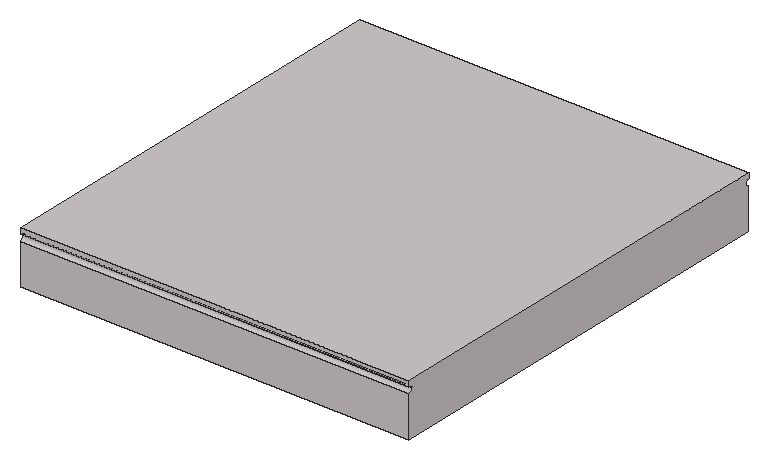
Revit family "d43dcfc3d0bc4dd594bdd73bd7fb0522", category Structural Framing, Revit 2021
Family settings
  Display in Hidden Views = Edges Hidden by Other Members
  Structural Framing Length Roundoff = 0' - 0"
  Section Shape = Not Defined
  Material for Model Behavior = Precast Concrete
  Always export as geometry = No
  OmniClass Number = 23.25.30.11
  OmniClass Title = Structural Frames
  Seek Item ID = Precast-Solid Flat Slab-0000-USA-ENU
  Always vertical = Yes
  Cut with Voids When Loaded = No
  Symbolic Representation = From Family
  Shared = No
  Show family pre-cut in plan views = Yes
Parameters (values of type "FS6")
  Structural Material [instance] = Concrete, Precast
  Assembly Code = "B10"
  Depth = 0' - 6"
  Length [instance] = 5' - 0"
  Width = 4' - 0"
Types (4): name | Depth
  (no name) | 0' - 6"
  FS6 | 0' - 6"
  FS8 | 0' - 8"
  FS4 | 0' - 4"
Reference planes (in)
  plane 1 "Center (Front/Back)": y = 0
  plane 2: z = 0
  plane 3 "Center (Left/Right)": x = 0.1815
  plane 4 "Member Left": x = -21.8185
  plane 5 "Member Right": x = 22.1815
  plane 6: y = 24
  plane 7: y = -24
  plane 8: z = 3
  plane 9 "Bottom": z = -3
  plane 10 "Left": x = -29.8185
  plane 11 "Right": x = 30.1815
Dimensions and locks (in)
  "Width": plane 6 to plane 7
  equal spacing: plane 9 "Bottom", plane 2, plane 8
  equal spacing: plane 6, plane 1 "Center (Front/Back)", plane 7
  "Depth": plane 9 "Bottom" to plane 8
  "Length": plane 10 "Left" to plane 11 "Right"
  aligned and locked: nested 1 to plane 4 "Member Left"
  aligned and locked: nested 1 to plane 5 "Member Right"
Nested families (in)
  nested 1: "Solid Flat Slab" at (-21.8185, 0, 0), Material <- "Structural Material", Width <- "Width", Depth <- "Depth", type "Solid Flat Slab"
    with Width 4' - 0", Material Concrete, Precast, built-in parameter 1001306 3.6667 (stored number, unit not read), Depth 0' - 6"
Definition of nested family "Solid Flat Slab"
  Parameters
    Width [instance] = 4' - 0"
    Material [instance] = none
    built-in parameter 1001306 [instance] = 4' - 0"
    Depth [instance] = 0' - 4"
    Default Elevation = 0' - 0"
    Assembly Code = ""
  Reference planes (in)
    plane 1 "Center (Front/Back)": y = 0
    plane 2: z = 0
    plane 3 "Left": x = 0
    plane 4 "Right": x = 48
    plane 5: z = 2
    plane 6: z = -2
    plane 7: y = -24
    plane 8: y = 24
    plane 9: z = 1
  Forms (in)
    Extrusion 1, solid, material <- "Material"
      sketch origin (0, 0, 0) x (0, 1, 0) y (0, 0, 1)
        loop
          line (24, 2) -> (-24, 2) -> (-24, 1.375)
          arc (-24, 1.375) -> (-23.625, 1) -> (-24, 0.625) r 0.375
          line (-24, 0.625) -> (-24, -2) -> (24, -2) -> (24, 0.625)
          arc (24, 0.625) -> (23.625, 1) -> (24, 1.375) r 0.375
          line (24, 1.375) -> (24, 2)
      from 0 to 48
  Lines and regions (in)
    reference lines
      curve 1: line (0, 0, 0) -> (48, 0, 0)
  Dimensions and locks (in)
    "built-in parameter 1001306": plane 3 "Left" to plane 4 "Right"
    "Depth": plane 5 to plane 6
    equal spacing: plane 5, level, plane 6
    "Width": plane 8 to plane 7
    equal spacing: plane 8, plane 1 "Center (Front/Back)", plane 7
    locked: plane 5 to plane 9 at 1
    radius of Extrusion 1 sketch curve = 0' - 0 3/8"  (x2)
    aligned and locked: plane 4 "Right" to curve 1
    aligned and locked: plane 1 "Center (Front/Back)" to curve 1
    aligned and locked: plane 3 "Left" to curve 1
    aligned and locked: Extrusion 1 to plane 3 "Left"
    aligned and locked: plane 4 "Right" to Extrusion 1
    aligned and locked: Extrusion 1 sketch curve to plane 6
    aligned and locked: plane 5 to Extrusion 1 sketch curve
    aligned and locked: plane 8 to Extrusion 1 sketch curve
    aligned and locked: Extrusion 1 sketch curve to plane 7
  Automatic sketch dimensions
    Extrusion 1 sketch curve to plane 9 = 0' - 0"  (x2)
